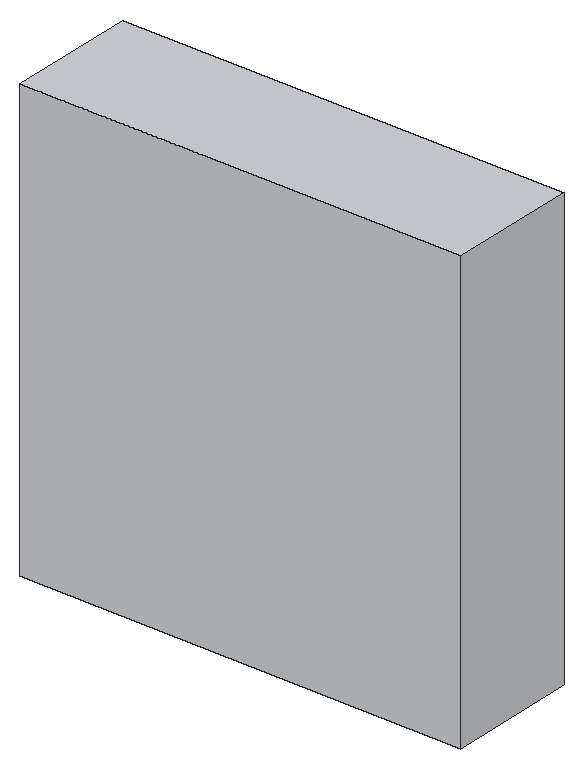
Revit family "TM_outlet_box_ef", category Electrical Fixtures, Revit 2026
Family settings
  Round Connector Dimension = Use Diameter
  Part Type = Normal
  Work Plane-Based = No
  Always vertical = Yes
  Cut with Voids When Loaded = No
  Maintain Annotation Orientation = No
  Shared = No
  Room Calculation Point = No
Parameters (values of type "TM-SG125")
  Show TM-SG125 = yes
  Show TM-S44 = no
  Show TM-54151 = no
  Show TM-4040A = no
  Show TM-1299 = no
  Show TM-1102 = no
  Default Elevation = 0' - 0"
Types (6): name | Show TM-SG125 | Show TM-S44 | Show TM-54151 | Show TM-4040A | Show TM-1299 | Show TM-1102
  TM-1102 | no | no | no | no | no | yes
  TM-1299 | no | no | no | no | yes | no
  TM-4040A | no | no | no | yes | no | no
  TM-54151 | no | no | yes | no | no | no
  TM-S44 | no | yes | no | no | no | no
  TM-SG125 | yes | no | no | no | no | no
Reference planes (in)
  plane 1 "Center (Front/Back)": y = 0
  plane 2: z = 0
  plane 3 "Center (Left/Right)": x = 0
Forms (in)
  Extrusion 1, solid, visible <- "Show TM-1102"
    sketch origin (0, 0, 0) x (1, 0, 0) y (0, 1, 0)
      loop
        line (-1.83071, -1.02362) -> (1.83071, -1.02362) -> (1.83071, 1.02362) -> (-1.83071, 1.02362) -> (-1.83071, -1.02362)
    from 0 to 3.70079
  Extrusion 2, solid, visible <- "Show TM-1299"
    sketch origin (0, 0, 0) x (1, 0, 0) y (0, 1, 0)
      loop
        line (-1.45669, -0.68898) -> (1.45669, -0.68898) -> (1.45669, 0.68898) -> (-1.45669, 0.68898) -> (-1.45669, -0.68898)
    from 0 to 2.91339
  Extrusion 3, solid, visible <- "Show TM-4040A"
    sketch origin (0, 0, 0) x (1, 0, 0) y (0, 1, 0)
      loop
        line (-2.06693, -0.98425) -> (2.06693, -0.98425) -> (2.06693, 0.98425) -> (-2.06693, 0.98425) -> (-2.06693, -0.98425)
    from 0 to 4.13386
  Extrusion 4, solid, visible <- "Show TM-54151"
    sketch origin (0, 0, 0) x (1, 0, 0) y (0, 1, 0)
      loop
        line (-1.85039, -0.74803) -> (1.85039, -0.74803) -> (1.85039, 0.74803) -> (-1.85039, 0.74803) -> (-1.85039, -0.74803)
    from 0 to 3.70079
  Extrusion 5, solid, visible <- "Show TM-S44"
    sketch origin (0, 0, 0) x (1, 0, 0) y (0, 1, 0)
      loop
        line (-2.02756, -0.74803) -> (2.02756, -0.74803) -> (2.02756, 0.74803) -> (-2.02756, 0.74803) -> (-2.02756, -0.74803)
    from 0 to 4.05512
  Extrusion 6, solid, visible <- "Show TM-SG125"
    sketch origin (0, 0, 0) x (1, 0, 0) y (0, 1, 0)
      loop
        line (-1.41732, -0.41339) -> (1.41732, -0.41339) -> (1.41732, 0.41339) -> (-1.41732, 0.41339) -> (-1.41732, -0.41339)
    from 0 to 2.83465
Dimensions and locks (in)
  aligned and locked: plane 2 to level
